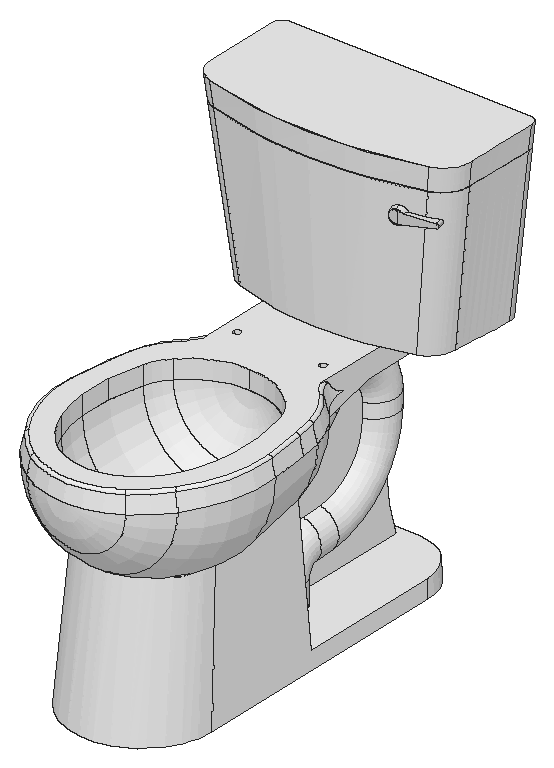
Revit family "Plumbing-Pressure-Assist-Water-Closet-Sloan-Valve-WETS-80298116_", category Plumbing Fixtures, host Face, Revit 2019
Family settings
  Host = Face
  Round Connector Dimension = Use Diameter
  Part Type = Normal
  OmniClass Number = 23.45.05.21.11.11
  OmniClass Title = Water Operated Water Closets
  Cut with Voids When Loaded = No
  Shared = No
  Room Calculation Point = No
Parameters (values of type "WETS-8029.8116")
  Width = 18 1/4"  # constant formula
  Water Closet Code = "2108029"
  Valve Pressure Drop = 0.00 psi
  Tank Code = "2108116"
  Sanitary Drain Connector Description = "Sanitary Drain Connector d2 1/8\""
  Sanitary Drain Connection Diameter = 2 1/8"  # constant formula
  Real Distance to Wall [instance] = if(Distance to Wall < 3/4", 3/4", Distance to Wall)  # 3/4"
  Waste Connection = yes
  WFU = 10
  Vent Connection = yes
  URL = "www.sloanvalve.com"
  Product data url = "https://bimobject.com/sloan_valve/product/pressure-assist-water-closets_sloan_wets-80298116"
  Product Material = Sloan Valve - Vitreous China - White
  Product Guid = ""
  Part Number = "WETS-8029.8116"
  Model = "WETS-8029.8116"
  Minimum Static Pressure = "25 PSI (172 kPa)"  # constant formula
  Maximum Static Pressure = "80 PSI (552 kPa)"  # constant formula
  Manufacturer = "Sloan Valve"  # constant formula
  Keynote = "15410"
  Height = 29 5/8"  # constant formula
  HWFU = 0
  HW Connection = yes
  Flush Rate = "1.0 gpf (3.8 Lpf)"
  Depth = 30 3/8"  # constant formula
  Cold Water Connector Description = "Cold Water Connector d1/2\""
  Cold Water Connection Diameter = 1/2"  # constant formula
  Edition number = 1
  Distance to Wall [instance] = 3/4"
  Description = "Floor-Mounted 1.0 gpf (3.8 Lpf) ADA 12\" Rough-in Pressure-Assisted/Tank Toilet."
  Default Elevation = 0"
  CWFU = 10
  CW Connection = yes
  Assembly Code = "D2010"
  ADA Compliant [instance] = 1 = 1  # yes
Reference planes
  plane 1 "Center (Front/Back)": y = 0
  plane 2: z = 0
  plane 3 "Center (Left/Right)": x = 0
  plane 4: x = -201.612
  plane 5: x = 201.613
  plane 6: y = -762.786
  plane 7: y = -19.05
  plane 8: x = -201.612
  plane 9: x = 201.613
  plane 10: y = -762.786
  plane 11: y = -19.05
Forms (mm)
  Blend 1, solid, material "Sloan Valve - Vitreous China - White" <- "Product Material"
    base sketch origin (0, 0, 38.1) x (1, 0, 0) y (0, 1, 0)
      loop
        arc (-34.925, -45.045) -> (-97.787, -71.084) -> (-123.825, -133.945) r 88.9
        line (-123.825, -133.945) -> (-123.825, -615.95)
        arc (-123.825, -615.95) -> (0, -739.775) -> (123.825, -615.95) r 123.825
        line (123.825, -615.95) -> (123.825, -133.945)
        arc (123.825, -133.945) -> (97.787, -71.084) -> (34.925, -45.045) r 88.9
        line (34.925, -45.045) -> (-34.925, -45.045)
    top sketch origin (0, 0, 38.1) x (1, 0, 0) y (0, 1, 0)
      loop
        arc (-109.537, -584.301) -> (0, -693.838) -> (109.537, -584.301) r 109.537
        line (109.537, -584.301) -> (109.537, -133.945)
        arc (109.537, -133.945) -> (83.499, -71.084) -> (20.637, -45.045) r 88.9
        line (20.637, -45.045) -> (-20.637, -45.045)
        arc (-20.637, -45.045) -> (-83.499, -71.084) -> (-109.537, -133.945) r 88.9
        line (-109.537, -133.945) -> (-109.537, -584.301)
    from -38.1 to 312.058
  Extrusion 2, solid, material "Sloan Valve - Vitreous China - White" <- "Product Material"
    sketch origin (0, 0, 12.7) x (0, 1, 0) y (0, 0, 1)
      loop
        line (-369.05, 348.14) -> (-241.882, 379.846) -> (-70.211, 379.846) -> (-64.931, 440.2) -> (-185.947, 440.2)
        arc (-185.947, 440.2) -> (-192.127, 425.28) -> (-207.047, 419.1) r 21.1
        line (-207.047, 419.1) -> (-369.05, 419.1) -> (-369.05, 348.14)
    from -104.047 to 104.047
  Sweep 3, solid, material "Sloan Valve - Vitreous China - White" <- "Product Material"
    path origin (0, 0, 38.1) x (0, 1, 0) y (0, 0, 1)
      loop
        line (-304.8, -38.1) -> (-304.8, 30.289)
        arc (-304.8, 30.289) -> (-293.174, 59.429) -> (-264.682, 72.564) r 42.333
        line (-264.682, 72.564) -> (-226.487, 74.566)
        arc (-226.487, 74.566) -> (-134.627, 116.914) -> (-97.145, 210.864) r 136.485
        line (-97.145, 210.864) -> (-97.145, 236.948)
        arc (-97.145, 236.948) -> (-144.28, 307.387) -> (-227.373, 290.682) r 76.2
        arc (-227.373, 290.682) -> (-233.15, 284.615) -> (-238.657, 278.301) r 192.236
        arc (-238.657, 278.301) -> (-334.604, 206.706) -> (-452.54, 186.145) r 257.901
    profile origin (0, -304.8, 34.195) x (0, -1, 0) y (1, 0, 0)
      loop
        circle (0, 0) r 38.1
  Extrusion 4, solid, material "Sloan Valve - Vitreous China - White" <- "Product Material"
    sketch origin (22.443, 0, 38.1) x (0, 1, 0) y (0, 0, 1)
      loop
        line (-68.2, 389.4) -> (-235.377, 389.4) -> (-261.569, 382.87) -> (-496.95, 175.082) -> (-480.799, -9.525) -> (-58.189, -9.525)
        arc (-58.189, -9.525) -> (-82.15, 106.794) -> (-68.088, 224.72) r 370.607
        arc (-68.088, 224.72) -> (-59.936, 265.377) -> (-58.507, 306.818) r 254
        arc (-58.507, 306.818) -> (-61.916, 348.278) -> (-68.2, 389.4) r 598.021
    from -28.793 to -16.093
  Extrusion 5, solid, not visible
    sketch origin (0, 0, 0) x (1, 0, 0) y (0, 0, 1)
      loop
        circle (-152.4, 254) r 6.35
    from 0 to 0.794
  Blend 6, solid, material "Sloan Valve - Vitreous China - White" <- "Product Material"
    base sketch origin (0, 0.822, 430.81) x (1, 0, 0) y (0, 1, 0)
      loop
        line (-196.16, -48.519) -> (-186.739, -156.202)
        arc (-186.739, -156.202) -> (-176.518, -182.59) -> (-153.766, -199.416) r 50.8
        arc (-153.766, -199.416) -> (0, -226.96) -> (153.766, -199.416) r 442.975
        arc (153.766, -199.416) -> (176.518, -182.59) -> (186.739, -156.202) r 50.8
        line (186.739, -156.202) -> (196.16, -48.519)
        arc (196.16, -48.519) -> (191.227, -33.989) -> (177.182, -27.809) r 19.05
        line (177.182, -27.809) -> (-177.182, -27.809)
        arc (-177.182, -27.809) -> (-191.227, -33.989) -> (-196.16, -48.519) r 19.05
    top sketch origin (0, 0.822, 430.81) x (1, 0, 0) y (0, 1, 0)
      loop
        arc (-212.725, -19.872) -> (-226.195, -25.451) -> (-231.775, -38.922) r 19.05
        line (-231.775, -38.922) -> (-231.775, -172.47)
        arc (-231.775, -172.47) -> (-221.507, -203.094) -> (-194.854, -221.338) r 50.8
        arc (-194.854, -221.338) -> (0, -248.472) -> (194.854, -221.338) r 713.209
        arc (194.854, -221.338) -> (221.507, -203.094) -> (231.775, -172.47) r 50.8
        line (231.775, -172.47) -> (231.775, -38.922)
        arc (231.775, -38.922) -> (226.195, -25.451) -> (212.725, -19.872) r 19.05
        line (212.725, -19.872) -> (-212.725, -19.872)
    from -37.11 to 321.665
  Revolve 7, solid, material "Sloan Valve - Vitreous China - White" <- "Product Material"
    sketch origin (0, -107.509, 398.463) x (1, 0, 0) y (0, 1, 0)
      loop
        line (0, -683.066) -> (0, -633.619)
        arc (0, -633.619) -> (-54.455, -620.155) -> (-96.361, -582.866) r 116.854
        arc (-96.361, -582.866) -> (-108.844, -562.27) -> (-118.928, -540.399) r 213.603
        arc (-118.928, -540.399) -> (-129.044, -507.813) -> (-134.203, -474.085) r 228.843
        arc (-134.203, -474.085) -> (-133.643, -413.542) -> (-122.68, -353.997) r 350.763
        arc (-122.68, -353.997) -> (-114.097, -332.991) -> (-100.788, -314.61) r 95.25
        arc (-100.788, -314.61) -> (-55.004, -282.028) -> (0, -270.524) r 137.251
        line (0, -270.524) -> (0, -209.239)
        arc (0, -209.239) -> (-18.194, -209.694) -> (-36.342, -211.057) r 364.157
        arc (-36.342, -211.057) -> (-122.715, -249.087) -> (-170.133, -330.684) r 152.4
        arc (-170.133, -330.684) -> (-180.229, -386.679) -> (-186.583, -443.221) r 855.912
        arc (-186.583, -443.221) -> (-178.018, -528.288) -> (-140.189, -604.962) r 240.102
        arc (-140.189, -604.962) -> (-116.352, -632.223) -> (-88.426, -655.277) r 223.457
        arc (-88.426, -655.277) -> (-46.345, -675.956) -> (0, -683.066) r 154.581
      axis (0, -209.239) -> (0, -683.066)
    angle from 0 to 180
  Extrusion 8, solid, material "Sloan Valve - Vitreous China - White" <- "Product Material"
    sketch origin (0, -122.297, 36.415) x (1, 0, 0) y (0, 0, 1)
      loop
        arc (57.698, 221.011) -> (0.981, 212.195) -> (-56.307, 215.748) r 266.082
        line (-56.307, 215.748) -> (-39.243, 151.174)
        arc (-39.243, 151.174) -> (0, 120.954) -> (39.243, 151.174) r 40.59
        line (39.243, 151.174) -> (57.698, 221.011)
    from 346.299 to 429.496
  Blend 9, solid, material "Sloan Valve - Vitreous China - White" <- "Product Material"
    base sketch origin (0, -108.545, 413.2) x (1, 0, 0) y (0, 0, 1)
      loop
        line (25.325, -14.42) -> (-25.325, -14.42) -> (-25.325, -20.654)
        arc (-25.325, -20.654) -> (0, -45.979) -> (25.325, -20.654) r 25.325
        line (25.325, -20.654) -> (25.325, -14.42)
    top sketch origin (0, -108.545, 413.2) x (1, 0, 0) y (0, 0, 1)
      loop
        line (46.038, -14.42) -> (-46.037, -14.42) -> (-46.037, -23.887)
        arc (-46.037, -23.887) -> (0, -69.925) -> (46.038, -23.887) r 46.037
        line (46.038, -23.887) -> (46.038, -14.42)
    from 129.035 to 108.105
  Blend 10, solid, material "Sloan Valve - Vitreous China - White" <- "Product Material"
    base sketch origin (0, -108.545, 413.2) x (1, 0, 0) y (0, 0, 1)
      loop
        line (46.038, -14.42) -> (-46.037, -14.42) -> (-46.037, -23.887)
        arc (-46.037, -23.887) -> (0, -69.925) -> (46.038, -23.887) r 46.037
        line (46.038, -23.887) -> (46.038, -14.42)
    top sketch origin (0, -108.545, 413.2) x (1, 0, 0) y (0, 0, 1)
      loop
        line (46.038, -14.42) -> (-46.037, -14.42) -> (-46.037, -43.731)
        arc (-46.037, -43.731) -> (0, -89.769) -> (46.038, -43.731) r 46.038
        line (46.038, -43.731) -> (46.038, -14.42)
    from 108.105 to 38.1
  Sweep 11, solid, material "Sloan Valve - Vitreous China - White" <- "Product Material"
    path origin (0, -122.297, 38.1) x (0, 1, 0) y (0, 0, 1)
      loop
        arc (-352.549, 201.173) -> (-327.484, 201.16) -> (-302.744, 205.182) r 155.194
        arc (-302.744, 205.182) -> (-278.132, 217.142) -> (-260.549, 238.11) r 65.532
        arc (-260.549, 238.11) -> (-246.125, 268.805) -> (-234.718, 300.744) r 352.298
        arc (-234.718, 300.744) -> (-234.446, 301.431) -> (-234.066, 302.064) r 4.499
        arc (-234.066, 302.064) -> (-210.936, 321.963) -> (-181.277, 329.121) r 65.024
        line (-181.277, 329.121) -> (-115.283, 329.121)
    profile origin (0, -270.577, 367.221) x (0, 0, 1) y (1, 0, 0)
      loop
        line (25.325, -25.325) -> (25.325, 25.325)
        arc (25.325, 25.325) -> (0, 0) -> (25.325, -25.325) r 25.325
  Sweep 12, solid, material "Sloan Valve - Vitreous China - White" <- "Product Material"
    path origin (0, 0, 38.1) x (1, 0, 0) y (0, 1, 0)
      loop
        line (-104.047, -185.947) -> (-104.047, -295.646)
        arc (-104.047, -295.646) -> (-111.251, -333.222) -> (-131.841, -365.47) r 101.6
        arc (-131.841, -365.47) -> (-155.982, -399.201) -> (-170.133, -438.192) r 152.4
        arc (-170.133, -438.192) -> (-174.125, -457.895) -> (-177.652, -477.686) r 855.912
        arc (-177.652, -477.686) -> (-182.903, -514.112) -> (-186.583, -550.729) r 855.912
        arc (-186.583, -550.729) -> (-178.018, -635.797) -> (-140.189, -712.47) r 240.102
        arc (-140.189, -712.47) -> (-116.352, -739.732) -> (-88.426, -762.786) r 223.457
        arc (-88.426, -762.786) -> (0, -790.575) -> (88.426, -762.786) r 154.581
        arc (88.426, -762.786) -> (116.352, -739.732) -> (140.189, -712.47) r 223.457
        arc (140.189, -712.47) -> (178.018, -635.797) -> (186.583, -550.729) r 240.102
        arc (186.583, -550.729) -> (182.903, -514.112) -> (177.652, -477.686) r 855.912
        arc (177.652, -477.686) -> (174.125, -457.895) -> (170.133, -438.192) r 855.912
        arc (170.133, -438.192) -> (155.982, -399.201) -> (131.841, -365.47) r 152.4
        arc (131.841, -365.47) -> (111.251, -333.222) -> (104.047, -295.646) r 101.6
        line (104.047, -295.646) -> (104.047, -185.947)
    profile origin (0, -790.575, 38.1) x (0, 1, 0) y (0, 0, 1)
      loop
        line (0, 360.362) -> (18.191, 360.362) -> (18.191, 393.7) -> (12.748, 393.7)
        arc (12.748, 393.7) -> (8.795, 392.32) -> (6.56, 388.778) r 6.35
        line (6.56, 388.778) -> (0, 360.362)
  Extrusion 13, void
    sketch origin (0, 0, 38.1) x (1, 0, 0) y (0, 1, 0)
      loop
        arc (118.928, -647.907) -> (129.044, -615.321) -> (134.203, -581.593) r 228.843
        arc (134.203, -581.593) -> (135.243, -552.98) -> (133.946, -524.377) r 350.763
        arc (133.946, -524.377) -> (129.747, -492.684) -> (122.68, -461.506) r 350.763
        arc (122.68, -461.506) -> (114.097, -440.499) -> (100.788, -422.119) r 95.25
        arc (100.788, -422.119) -> (55.004, -389.536) -> (0, -378.032) r 137.251
        arc (0, -378.032) -> (-55.004, -389.536) -> (-100.788, -422.119) r 137.251
        arc (-100.788, -422.119) -> (-114.097, -440.499) -> (-122.68, -461.506) r 95.25
        arc (-122.68, -461.506) -> (-129.747, -492.684) -> (-133.946, -524.377) r 350.763
        arc (-133.946, -524.377) -> (-135.243, -552.98) -> (-134.203, -581.593) r 350.763
        arc (-134.203, -581.593) -> (-129.044, -615.321) -> (-118.928, -647.907) r 228.843
        arc (-118.928, -647.907) -> (-108.844, -669.778) -> (-96.361, -690.375) r 213.603
        arc (-96.361, -690.375) -> (-54.455, -727.664) -> (0, -741.127) r 116.854
        arc (0, -741.127) -> (54.455, -727.664) -> (96.361, -690.375) r 116.854
        arc (96.361, -690.375) -> (108.844, -669.778) -> (118.928, -647.907) r 213.603
    from 360.362 to 393.7
  Extrusion 14, solid, material "Sloan Valve - Vitreous China - White" <- "Product Material"
    sketch origin (0, 0, 38.1) x (1, 0, 0) y (0, 1, 0)
      loop
        arc (-168.448, -552.159) -> (-160.532, -630.781) -> (-125.569, -701.646) r 221.912
        arc (-125.569, -701.646) -> (-103.673, -726.688) -> (-78.02, -747.865) r 205.266
        arc (-78.02, -747.865) -> (0, -772.384) -> (78.02, -747.865) r 136.39
        arc (78.02, -747.865) -> (103.673, -726.688) -> (125.569, -701.646) r 205.266
        arc (125.569, -701.646) -> (160.532, -630.781) -> (168.448, -552.159) r 221.912
        arc (168.448, -552.159) -> (164.847, -516.319) -> (159.708, -480.668) r 837.721
        arc (159.708, -480.668) -> (156.255, -461.297) -> (152.348, -442.013) r 837.721
        arc (152.348, -442.013) -> (139.886, -407.676) -> (118.627, -377.971) r 134.209
        arc (118.627, -377.971) -> (110.867, -368.903) -> (104.047, -359.107) r 119.791
        line (104.047, -359.107) -> (104.047, -369.05) -> (-104.047, -369.05) -> (-104.047, -359.107)
        arc (-104.047, -359.107) -> (-110.867, -368.903) -> (-118.627, -377.971) r 119.791
        arc (-118.627, -377.971) -> (-139.886, -407.676) -> (-152.348, -442.013) r 134.209
        arc (-152.348, -442.013) -> (-156.255, -461.297) -> (-159.708, -480.668) r 837.721
        arc (-159.708, -480.668) -> (-164.847, -516.319) -> (-168.448, -552.159) r 837.721
    from 360.362 to 393.7
  Extrusion 15, void
    sketch origin (0, 0, 38.1) x (0, 1, 0) y (0, 0, 1)
      loop
        line (-419.1, 368.114) -> (-392.915, -6.35) -> (-10.202, -6.35) -> (-10.202, 368.114) -> (-419.1, 368.114)
    from -219.74 to 304.8
  Revolve 16, void
    sketch origin (0, -107.509, 398.463) x (1, 0, 0) y (0, 1, 0)
      loop
        line (0, -639.969) -> (0, -264.174)
        arc (0, -264.174) -> (-57.549, -276.21) -> (-105.451, -310.3) r 143.601
        arc (-105.451, -310.3) -> (-119.647, -329.906) -> (-128.802, -352.313) r 101.6
        arc (-128.802, -352.313) -> (-139.964, -412.935) -> (-140.534, -474.574) r 357.113
        arc (-140.534, -474.574) -> (-135.232, -509.238) -> (-124.835, -542.728) r 235.193
        arc (-124.835, -542.728) -> (-114.451, -565.249) -> (-101.598, -586.458) r 219.953
        arc (-101.598, -586.458) -> (-57.414, -625.773) -> (0, -639.969) r 123.204
      axis (0, -264.174) -> (0, -639.969)
    angle from 0 to 180
  Extrusion 17, void
    sketch origin (0, 0, 38.1) x (1, 0, 0) y (0, 1, 0)
      loop
        circle (-76.2, -307.975) r 6.35
      loop
        circle (76.2, -307.975) r 6.35
    from 341.312 to 499.954
  Extrusion 18, void
    sketch origin (0, 0, 31.75) x (1, 0, 0) y (0, 1, 0)
      loop
        arc (-212.725, -19.05) -> (-226.195, -24.63) -> (-231.775, -38.1) r 19.05
        line (-231.775, -38.1) -> (-231.775, -171.649)
        arc (-231.775, -171.649) -> (-221.507, -202.272) -> (-194.854, -220.516) r 50.8
        arc (-194.854, -220.516) -> (0, -247.65) -> (194.854, -220.516) r 713.209
        arc (194.854, -220.516) -> (221.507, -202.272) -> (231.775, -171.649) r 50.8
        line (231.775, -171.649) -> (231.775, -38.1)
        arc (231.775, -38.1) -> (226.195, -24.63) -> (212.725, -19.05) r 19.05
        line (212.725, -19.05) -> (-212.725, -19.05)
      loop
        line (-225.425, -38.1) -> (-225.425, -171.649)
        arc (-225.425, -171.649) -> (-216.441, -198.444) -> (-193.119, -214.408) r 44.45
        arc (-193.119, -214.408) -> (0, -241.3) -> (193.119, -214.408) r 706.859
        arc (193.119, -214.408) -> (216.441, -198.444) -> (225.425, -171.649) r 44.45
        line (225.425, -171.649) -> (225.425, -38.1)
        arc (225.425, -38.1) -> (221.705, -29.12) -> (212.725, -25.4) r 12.7
        line (212.725, -25.4) -> (-212.725, -25.4)
        arc (-212.725, -25.4) -> (-221.705, -29.12) -> (-225.425, -38.1) r 12.7
    from 678.093 to 679.681
  Extrusion 19, solid, material "Sloan Valve - Finish - Polished Chrome"
    sketch origin (20.292, -269.587, 924.407) x (0.97881, 0.203994, 0.017847) y (0, -0.087156, 0.996195)
      loop
        line (127, -257.261) -> (127, -277.149) -> (188.955, -269.542)
        arc (188.955, -269.542) -> (192.467, -265.466) -> (188.747, -261.579) r 4.001
        line (188.747, -261.579) -> (127, -257.261)
    from 0 to 12.7
  Revolve 20, solid, material "Sloan Valve - Finish - Polished Chrome"
    sketch origin (369.854, -1316.287, 832.833) x (0.204773, -0.975085, -0.085309) y (0, -0.087156, 0.996195)
      loop
        line (-1100.014, -265.639) -> (-1100.014, -282.465) -> (-1087.756, -278.482) -> (-1087.314, -277.803) -> (-1087.314, -265.639) -> (-1100.014, -265.639)
      axis (-1100.014, -265.639) -> (-1087.314, -265.639)
    angle from 0 to 360
  Extrusion 21, void
    sketch origin (0, 0, 0) x (0, 1, 0) y (0, 0, 1)
      loop
        line (-237.838, 431.8) -> (-237.838, 386.506) -> (-19.05, 386.506) -> (-19.05, 431.8) -> (-237.838, 431.8)
    from -208.999 to 209.863
  Blend 22, solid, material "Sloan Valve - Vitreous China - White" <- "Product Material", not visible
    base sketch origin (0, 0, 38.1) x (1, 0, 0) y (0, 1, 0)
      loop
        arc (-34.925, -45.045) -> (-97.787, -71.084) -> (-123.825, -133.945) r 88.9
        line (-123.825, -133.945) -> (-123.825, -615.95)
        arc (-123.825, -615.95) -> (0, -739.775) -> (123.825, -615.95) r 123.825
        line (123.825, -615.95) -> (123.825, -133.945)
        arc (123.825, -133.945) -> (97.787, -71.084) -> (34.925, -45.045) r 88.9
        line (34.925, -45.045) -> (-34.925, -45.045)
    top sketch origin (0, 0, 38.1) x (1, 0, 0) y (0, 1, 0)
      loop
        arc (-109.537, -584.301) -> (0, -693.838) -> (109.537, -584.301) r 109.537
        line (109.537, -584.301) -> (109.537, -133.945)
        arc (109.537, -133.945) -> (83.499, -71.084) -> (20.637, -45.045) r 88.9
        line (20.637, -45.045) -> (-20.637, -45.045)
        arc (-20.637, -45.045) -> (-83.499, -71.084) -> (-109.537, -133.945) r 88.9
        line (-109.537, -133.945) -> (-109.537, -584.301)
    from -38.1 to 312.058
  Extrusion 23, solid, material "Sloan Valve - Vitreous China - White" <- "Product Material", not visible
    sketch origin (0, 0, 12.7) x (0, 1, 0) y (0, 0, 1)
      loop
        line (-369.05, 348.14) -> (-241.882, 379.846) -> (-70.211, 379.846) -> (-64.931, 440.2) -> (-185.947, 440.2)
        arc (-185.947, 440.2) -> (-192.127, 425.28) -> (-207.047, 419.1) r 21.1
        line (-207.047, 419.1) -> (-369.05, 419.1) -> (-369.05, 348.14)
    from -104.047 to 104.047
  Sweep 24, solid, material "Sloan Valve - Vitreous China - White" <- "Product Material", not visible
    path origin (0, 0, 38.1) x (0, 1, 0) y (0, 0, 1)
      loop
        line (-304.8, -38.1) -> (-304.8, 30.289)
        arc (-304.8, 30.289) -> (-293.174, 59.429) -> (-264.682, 72.564) r 42.333
        line (-264.682, 72.564) -> (-226.487, 74.566)
        arc (-226.487, 74.566) -> (-134.627, 116.914) -> (-97.145, 210.864) r 136.485
        line (-97.145, 210.864) -> (-97.145, 236.948)
        arc (-97.145, 236.948) -> (-144.28, 307.387) -> (-227.373, 290.682) r 76.2
        arc (-227.373, 290.682) -> (-233.15, 284.615) -> (-238.657, 278.301) r 192.236
        arc (-238.657, 278.301) -> (-334.604, 206.706) -> (-452.54, 186.145) r 257.901
    profile origin (0, -304.8, 34.195) x (0, -1, 0) y (1, 0, 0)
      loop
        circle (0, 0) r 38.1
  Extrusion 25, solid, material "Sloan Valve - Vitreous China - White" <- "Product Material", not visible
    sketch origin (22.443, 0, 38.1) x (0, 1, 0) y (0, 0, 1)
      loop
        line (-68.2, 389.4) -> (-235.377, 389.4) -> (-261.569, 382.87) -> (-496.95, 175.082) -> (-480.799, -9.525) -> (-58.189, -9.525)
        arc (-58.189, -9.525) -> (-82.15, 106.794) -> (-68.088, 224.72) r 370.607
        arc (-68.088, 224.72) -> (-59.936, 265.377) -> (-58.507, 306.818) r 254
        arc (-58.507, 306.818) -> (-61.916, 348.278) -> (-68.2, 389.4) r 598.021
    from -28.793 to -16.093
  Blend 26, solid, material "Sloan Valve - Vitreous China - White" <- "Product Material", not visible
    base sketch origin (0, 0.822, 430.81) x (1, 0, 0) y (0, 1, 0)
      loop
        line (-196.16, -48.519) -> (-186.739, -156.202)
        arc (-186.739, -156.202) -> (-176.518, -182.59) -> (-153.766, -199.416) r 50.8
        arc (-153.766, -199.416) -> (0, -226.96) -> (153.766, -199.416) r 442.975
        arc (153.766, -199.416) -> (176.518, -182.59) -> (186.739, -156.202) r 50.8
        line (186.739, -156.202) -> (196.16, -48.519)
        arc (196.16, -48.519) -> (191.227, -33.989) -> (177.182, -27.809) r 19.05
        line (177.182, -27.809) -> (-177.182, -27.809)
        arc (-177.182, -27.809) -> (-191.227, -33.989) -> (-196.16, -48.519) r 19.05
    top sketch origin (0, 0.822, 430.81) x (1, 0, 0) y (0, 1, 0)
      loop
        arc (-212.725, -19.872) -> (-226.195, -25.451) -> (-231.775, -38.922) r 19.05
        line (-231.775, -38.922) -> (-231.775, -172.47)
        arc (-231.775, -172.47) -> (-221.507, -203.094) -> (-194.854, -221.338) r 50.8
        arc (-194.854, -221.338) -> (0, -248.472) -> (194.854, -221.338) r 713.209
        arc (194.854, -221.338) -> (221.507, -203.094) -> (231.775, -172.47) r 50.8
        line (231.775, -172.47) -> (231.775, -38.922)
        arc (231.775, -38.922) -> (226.195, -25.451) -> (212.725, -19.872) r 19.05
        line (212.725, -19.872) -> (-212.725, -19.872)
    from -37.11 to 321.665
  Revolve 27, solid, material "Sloan Valve - Vitreous China - White" <- "Product Material", not visible
    sketch origin (0, -107.509, 398.463) x (1, 0, 0) y (0, 1, 0)
      loop
        line (0, -683.066) -> (0, -633.619)
        arc (0, -633.619) -> (-54.455, -620.155) -> (-96.361, -582.866) r 116.854
        arc (-96.361, -582.866) -> (-108.844, -562.27) -> (-118.928, -540.399) r 213.603
        arc (-118.928, -540.399) -> (-129.044, -507.813) -> (-134.203, -474.085) r 228.843
        arc (-134.203, -474.085) -> (-133.643, -413.542) -> (-122.68, -353.997) r 350.763
        arc (-122.68, -353.997) -> (-114.097, -332.991) -> (-100.788, -314.61) r 95.25
        arc (-100.788, -314.61) -> (-55.004, -282.028) -> (0, -270.524) r 137.251
        line (0, -270.524) -> (0, -209.239)
        arc (0, -209.239) -> (-18.194, -209.694) -> (-36.342, -211.057) r 364.157
        arc (-36.342, -211.057) -> (-122.715, -249.087) -> (-170.133, -330.684) r 152.4
        arc (-170.133, -330.684) -> (-180.229, -386.679) -> (-186.583, -443.221) r 855.912
        arc (-186.583, -443.221) -> (-178.018, -528.288) -> (-140.189, -604.962) r 240.102
        arc (-140.189, -604.962) -> (-116.352, -632.223) -> (-88.426, -655.277) r 223.457
        arc (-88.426, -655.277) -> (-46.345, -675.956) -> (0, -683.066) r 154.581
      axis (0, -209.239) -> (0, -683.066)
    angle from 0 to 180
  Extrusion 28, solid, material "Sloan Valve - Vitreous China - White" <- "Product Material", not visible
    sketch origin (0, -122.297, 36.415) x (1, 0, 0) y (0, 0, 1)
      loop
        arc (57.698, 221.011) -> (0.981, 212.195) -> (-56.307, 215.748) r 266.082
        line (-56.307, 215.748) -> (-39.243, 151.174)
        arc (-39.243, 151.174) -> (0, 120.954) -> (39.243, 151.174) r 40.59
        line (39.243, 151.174) -> (57.698, 221.011)
    from 346.299 to 429.496
  Blend 29, solid, material "Sloan Valve - Vitreous China - White" <- "Product Material", not visible
    base sketch origin (0, -108.545, 413.2) x (1, 0, 0) y (0, 0, 1)
      loop
        line (25.325, -14.42) -> (-25.325, -14.42) -> (-25.325, -20.654)
        arc (-25.325, -20.654) -> (0, -45.979) -> (25.325, -20.654) r 25.325
        line (25.325, -20.654) -> (25.325, -14.42)
    top sketch origin (0, -108.545, 413.2) x (1, 0, 0) y (0, 0, 1)
      loop
        line (46.038, -14.42) -> (-46.037, -14.42) -> (-46.037, -23.887)
        arc (-46.037, -23.887) -> (0, -69.925) -> (46.038, -23.887) r 46.037
        line (46.038, -23.887) -> (46.038, -14.42)
    from 129.035 to 108.105
  Blend 30, solid, material "Sloan Valve - Vitreous China - White" <- "Product Material", not visible
    base sketch origin (0, -108.545, 413.2) x (1, 0, 0) y (0, 0, 1)
      loop
        line (46.038, -14.42) -> (-46.037, -14.42) -> (-46.037, -23.887)
        arc (-46.037, -23.887) -> (0, -69.925) -> (46.038, -23.887) r 46.037
        line (46.038, -23.887) -> (46.038, -14.42)
    top sketch origin (0, -108.545, 413.2) x (1, 0, 0) y (0, 0, 1)
      loop
        line (46.038, -14.42) -> (-46.037, -14.42) -> (-46.037, -43.731)
        arc (-46.037, -43.731) -> (0, -89.769) -> (46.038, -43.731) r 46.038
        line (46.038, -43.731) -> (46.038, -14.42)
    from 108.105 to 38.1
  Sweep 31, solid, material "Sloan Valve - Vitreous China - White" <- "Product Material", not visible
    path origin (0, -122.297, 38.1) x (0, 1, 0) y (0, 0, 1)
      loop
        arc (-352.549, 201.173) -> (-327.484, 201.16) -> (-302.744, 205.182) r 155.194
        arc (-302.744, 205.182) -> (-278.132, 217.142) -> (-260.549, 238.11) r 65.532
        arc (-260.549, 238.11) -> (-246.125, 268.805) -> (-234.718, 300.744) r 352.298
        arc (-234.718, 300.744) -> (-234.446, 301.431) -> (-234.066, 302.064) r 4.499
        arc (-234.066, 302.064) -> (-210.936, 321.963) -> (-181.277, 329.121) r 65.024
        line (-181.277, 329.121) -> (-115.283, 329.121)
    profile origin (0, -270.577, 367.221) x (0, 0, 1) y (1, 0, 0)
      loop
        line (25.325, -25.325) -> (25.325, 25.325)
        arc (25.325, 25.325) -> (0, 0) -> (25.325, -25.325) r 25.325
  Sweep 32, solid, material "Sloan Valve - Vitreous China - White" <- "Product Material", not visible
    path origin (0, 0, 38.1) x (1, 0, 0) y (0, 1, 0)
      loop
        line (-104.047, -185.947) -> (-104.047, -295.646)
        arc (-104.047, -295.646) -> (-111.251, -333.222) -> (-131.841, -365.47) r 101.6
        arc (-131.841, -365.47) -> (-155.982, -399.201) -> (-170.133, -438.192) r 152.4
        arc (-170.133, -438.192) -> (-174.125, -457.895) -> (-177.652, -477.686) r 855.912
        arc (-177.652, -477.686) -> (-182.903, -514.112) -> (-186.583, -550.729) r 855.912
        arc (-186.583, -550.729) -> (-178.018, -635.797) -> (-140.189, -712.47) r 240.102
        arc (-140.189, -712.47) -> (-116.352, -739.732) -> (-88.426, -762.786) r 223.457
        arc (-88.426, -762.786) -> (0, -790.575) -> (88.426, -762.786) r 154.581
        arc (88.426, -762.786) -> (116.352, -739.732) -> (140.189, -712.47) r 223.457
        arc (140.189, -712.47) -> (178.018, -635.797) -> (186.583, -550.729) r 240.102
        arc (186.583, -550.729) -> (182.903, -514.112) -> (177.652, -477.686) r 855.912
        arc (177.652, -477.686) -> (174.125, -457.895) -> (170.133, -438.192) r 855.912
        arc (170.133, -438.192) -> (155.982, -399.201) -> (131.841, -365.47) r 152.4
        arc (131.841, -365.47) -> (111.251, -333.222) -> (104.047, -295.646) r 101.6
        line (104.047, -295.646) -> (104.047, -185.947)
    profile origin (0, -790.575, 38.1) x (0, 1, 0) y (0, 0, 1)
      loop
        line (0, 360.362) -> (18.191, 360.362) -> (18.191, 393.7) -> (12.748, 393.7)
        arc (12.748, 393.7) -> (8.795, 392.32) -> (6.56, 388.778) r 6.35
        line (6.56, 388.778) -> (0, 360.362)
  Extrusion 33, void, not visible
    sketch origin (0, 0, 38.1) x (1, 0, 0) y (0, 1, 0)
      loop
        arc (118.928, -647.907) -> (129.044, -615.321) -> (134.203, -581.593) r 228.843
        arc (134.203, -581.593) -> (135.243, -552.98) -> (133.946, -524.377) r 350.763
        arc (133.946, -524.377) -> (129.747, -492.684) -> (122.68, -461.506) r 350.763
        arc (122.68, -461.506) -> (114.097, -440.499) -> (100.788, -422.119) r 95.25
        arc (100.788, -422.119) -> (55.004, -389.536) -> (0, -378.032) r 137.251
        arc (0, -378.032) -> (-55.004, -389.536) -> (-100.788, -422.119) r 137.251
        arc (-100.788, -422.119) -> (-114.097, -440.499) -> (-122.68, -461.506) r 95.25
        arc (-122.68, -461.506) -> (-129.747, -492.684) -> (-133.946, -524.377) r 350.763
        arc (-133.946, -524.377) -> (-135.243, -552.98) -> (-134.203, -581.593) r 350.763
        arc (-134.203, -581.593) -> (-129.044, -615.321) -> (-118.928, -647.907) r 228.843
        arc (-118.928, -647.907) -> (-108.844, -669.778) -> (-96.361, -690.375) r 213.603
        arc (-96.361, -690.375) -> (-54.455, -727.664) -> (0, -741.127) r 116.854
        arc (0, -741.127) -> (54.455, -727.664) -> (96.361, -690.375) r 116.854
        arc (96.361, -690.375) -> (108.844, -669.778) -> (118.928, -647.907) r 213.603
    from 360.362 to 393.7
  Extrusion 34, solid, material "Sloan Valve - Vitreous China - White" <- "Product Material", not visible
    sketch origin (0, 0, 38.1) x (1, 0, 0) y (0, 1, 0)
      loop
        arc (-168.448, -552.159) -> (-160.532, -630.781) -> (-125.569, -701.646) r 221.912
        arc (-125.569, -701.646) -> (-103.673, -726.688) -> (-78.02, -747.865) r 205.266
        arc (-78.02, -747.865) -> (0, -772.384) -> (78.02, -747.865) r 136.39
        arc (78.02, -747.865) -> (103.673, -726.688) -> (125.569, -701.646) r 205.266
        arc (125.569, -701.646) -> (160.532, -630.781) -> (168.448, -552.159) r 221.912
        arc (168.448, -552.159) -> (164.847, -516.319) -> (159.708, -480.668) r 837.721
        arc (159.708, -480.668) -> (156.255, -461.297) -> (152.348, -442.013) r 837.721
        arc (152.348, -442.013) -> (139.886, -407.676) -> (118.627, -377.971) r 134.209
        arc (118.627, -377.971) -> (110.867, -368.903) -> (104.047, -359.107) r 119.791
        line (104.047, -359.107) -> (104.047, -369.05) -> (-104.047, -369.05) -> (-104.047, -359.107)
        arc (-104.047, -359.107) -> (-110.867, -368.903) -> (-118.627, -377.971) r 119.791
        arc (-118.627, -377.971) -> (-139.886, -407.676) -> (-152.348, -442.013) r 134.209
        arc (-152.348, -442.013) -> (-156.255, -461.297) -> (-159.708, -480.668) r 837.721
        arc (-159.708, -480.668) -> (-164.847, -516.319) -> (-168.448, -552.159) r 837.721
    from 360.362 to 393.7
  Extrusion 35, void, not visible
    sketch origin (0, 0, 38.1) x (0, 1, 0) y (0, 0, 1)
      loop
        line (-419.1, 368.114) -> (-392.915, -6.35) -> (-10.202, -6.35) -> (-10.202, 368.114) -> (-419.1, 368.114)
    from -219.74 to 304.8
  Revolve 36, void, not visible
    sketch origin (0, -107.509, 398.463) x (1, 0, 0) y (0, 1, 0)
      loop
        line (0, -639.969) -> (0, -264.174)
        arc (0, -264.174) -> (-57.549, -276.21) -> (-105.451, -310.3) r 143.601
        arc (-105.451, -310.3) -> (-119.647, -329.906) -> (-128.802, -352.313) r 101.6
        arc (-128.802, -352.313) -> (-139.964, -412.935) -> (-140.534, -474.574) r 357.113
        arc (-140.534, -474.574) -> (-135.232, -509.238) -> (-124.835, -542.728) r 235.193
        arc (-124.835, -542.728) -> (-114.451, -565.249) -> (-101.598, -586.458) r 219.953
        arc (-101.598, -586.458) -> (-57.414, -625.773) -> (0, -639.969) r 123.204
      axis (0, -264.174) -> (0, -639.969)
    angle from 0 to 180
  Extrusion 37, void, not visible
    sketch origin (0, 0, 38.1) x (1, 0, 0) y (0, 1, 0)
      loop
        circle (-76.2, -307.975) r 6.35
      loop
        circle (76.2, -307.975) r 6.35
    from 341.312 to 499.954
  Extrusion 38, void, not visible
    sketch origin (0, 0, 31.75) x (1, 0, 0) y (0, 1, 0)
      loop
        arc (-212.725, -19.05) -> (-226.195, -24.63) -> (-231.775, -38.1) r 19.05
        line (-231.775, -38.1) -> (-231.775, -171.649)
        arc (-231.775, -171.649) -> (-221.507, -202.272) -> (-194.854, -220.516) r 50.8
        arc (-194.854, -220.516) -> (0, -247.65) -> (194.854, -220.516) r 713.209
        arc (194.854, -220.516) -> (221.507, -202.272) -> (231.775, -171.649) r 50.8
        line (231.775, -171.649) -> (231.775, -38.1)
        arc (231.775, -38.1) -> (226.195, -24.63) -> (212.725, -19.05) r 19.05
        line (212.725, -19.05) -> (-212.725, -19.05)
      loop
        line (-225.425, -38.1) -> (-225.425, -171.649)
        arc (-225.425, -171.649) -> (-216.441, -198.444) -> (-193.119, -214.408) r 44.45
        arc (-193.119, -214.408) -> (0, -241.3) -> (193.119, -214.408) r 706.859
        arc (193.119, -214.408) -> (216.441, -198.444) -> (225.425, -171.649) r 44.45
        line (225.425, -171.649) -> (225.425, -38.1)
        arc (225.425, -38.1) -> (221.705, -29.12) -> (212.725, -25.4) r 12.7
        line (212.725, -25.4) -> (-212.725, -25.4)
        arc (-212.725, -25.4) -> (-221.705, -29.12) -> (-225.425, -38.1) r 12.7
    from 678.093 to 679.681
  Extrusion 39, solid, material "Sloan Valve - Finish - Polished Chrome", not visible
    sketch origin (20.292, -269.587, 924.407) x (0.97881, 0.203994, 0.017847) y (0, -0.087156, 0.996195)
      loop
        line (127, -257.261) -> (127, -277.149) -> (188.955, -269.542)
        arc (188.955, -269.542) -> (192.467, -265.466) -> (188.747, -261.579) r 4.001
        line (188.747, -261.579) -> (127, -257.261)
    from 0 to 12.7
  Revolve 40, solid, material "Sloan Valve - Finish - Polished Chrome", not visible
    sketch origin (369.854, -1316.287, 832.833) x (0.204773, -0.975085, -0.085309) y (0, -0.087156, 0.996195)
      loop
        line (-1100.014, -265.639) -> (-1100.014, -282.465) -> (-1087.756, -278.482) -> (-1087.314, -277.803) -> (-1087.314, -265.639) -> (-1100.014, -265.639)
      axis (-1100.014, -265.639) -> (-1087.314, -265.639)
    angle from 0 to 360
  Extrusion 41, void, not visible
    sketch origin (0, 0, 0) x (0, 1, 0) y (0, 0, 1)
      loop
        line (-237.838, 431.8) -> (-237.838, 386.506) -> (-19.05, 386.506) -> (-19.05, 431.8) -> (-237.838, 431.8)
    from -208.999 to 209.863
Cuts and joins
  Extrusion 18, Extrusion 21 cuts Blend 6
  Extrusion 17 cuts Extrusion 2
  Extrusion 13 cuts Extrusion 14
  joined: Extrusion 2, Sweep 12, Extrusion 14
  Extrusion 15, Revolve 16 cuts Blend 1
  joined: Extrusion 19, Revolve 20
Lines and regions (mm)
  Masking region 1
    outline origin (0, 0, 0) x (1, 0, 0) y (0, 1, 0)
      loop
        line (212.725, -19.05) -> (-212.725, -19.05)
        arc (-212.725, -19.05) -> (-226.195, -24.63) -> (-231.775, -38.1) r 19.05
        line (-231.775, -38.1) -> (-231.775, -171.649)
        arc (-231.775, -171.649) -> (-221.507, -202.272) -> (-194.854, -220.516) r 50.8
        arc (-194.854, -220.516) -> (-159.548, -229.575) -> (-123.825, -236.819) r 713.209
        line (-123.825, -236.819) -> (-123.825, -355.877)
        arc (-123.825, -355.877) -> (-127.686, -360.797) -> (-131.841, -365.47) r 101.6
        arc (-131.841, -365.47) -> (-155.982, -399.201) -> (-170.133, -438.192) r 152.4
        arc (-170.133, -438.192) -> (-174.125, -457.895) -> (-177.652, -477.686) r 855.912
        arc (-177.652, -477.686) -> (-182.903, -514.112) -> (-186.583, -550.729) r 855.912
        arc (-186.583, -550.729) -> (-178.018, -635.797) -> (-140.189, -712.47) r 240.102
        arc (-140.189, -712.47) -> (-116.352, -739.732) -> (-88.426, -762.786) r 223.457
        arc (-88.426, -762.786) -> (0, -790.575) -> (88.426, -762.786) r 154.581
        arc (88.426, -762.786) -> (116.352, -739.732) -> (140.189, -712.47) r 223.457
        arc (140.189, -712.47) -> (178.018, -635.797) -> (186.583, -550.729) r 240.102
        arc (186.583, -550.729) -> (182.903, -514.112) -> (177.652, -477.686) r 855.912
        arc (177.652, -477.686) -> (174.125, -457.895) -> (170.133, -438.192) r 855.912
        arc (170.133, -438.192) -> (155.982, -399.201) -> (131.841, -365.47) r 152.4
        arc (131.841, -365.47) -> (127.686, -360.797) -> (123.825, -355.877) r 101.6
        line (123.825, -355.877) -> (123.825, -236.819)
        arc (123.825, -236.819) -> (159.548, -229.575) -> (194.854, -220.516) r 713.209
        arc (194.854, -220.516) -> (221.507, -202.272) -> (231.775, -171.649) r 50.8
        line (231.775, -171.649) -> (231.775, -38.1)
        arc (231.775, -38.1) -> (226.195, -24.63) -> (212.725, -19.05) r 19.05
  Masking region 2, not visible
    outline origin (0, 0, 0) x (1, 0, 0) y (0, 1, 0)
      loop
        line (212.725, -19.05) -> (-212.725, -19.05)
        arc (-212.725, -19.05) -> (-226.195, -24.63) -> (-231.775, -38.1) r 19.05
        line (-231.775, -38.1) -> (-231.775, -171.649)
        arc (-231.775, -171.649) -> (-221.507, -202.272) -> (-194.854, -220.516) r 50.8
        arc (-194.854, -220.516) -> (-159.548, -229.575) -> (-123.825, -236.819) r 713.209
        line (-123.825, -236.819) -> (-123.825, -355.877)
        arc (-123.825, -355.877) -> (-127.686, -360.797) -> (-131.841, -365.47) r 101.6
        arc (-131.841, -365.47) -> (-155.982, -399.201) -> (-170.133, -438.192) r 152.4
        arc (-170.133, -438.192) -> (-174.125, -457.895) -> (-177.652, -477.686) r 855.912
        arc (-177.652, -477.686) -> (-182.903, -514.112) -> (-186.583, -550.729) r 855.912
        arc (-186.583, -550.729) -> (-178.018, -635.797) -> (-140.189, -712.47) r 240.102
        arc (-140.189, -712.47) -> (-116.352, -739.732) -> (-88.426, -762.786) r 223.457
        arc (-88.426, -762.786) -> (0, -790.575) -> (88.426, -762.786) r 154.581
        arc (88.426, -762.786) -> (116.352, -739.732) -> (140.189, -712.47) r 223.457
        arc (140.189, -712.47) -> (178.018, -635.797) -> (186.583, -550.729) r 240.102
        arc (186.583, -550.729) -> (182.903, -514.112) -> (177.652, -477.686) r 855.912
        arc (177.652, -477.686) -> (174.125, -457.895) -> (170.133, -438.192) r 855.912
        arc (170.133, -438.192) -> (155.982, -399.201) -> (131.841, -365.47) r 152.4
        arc (131.841, -365.47) -> (127.686, -360.797) -> (123.825, -355.877) r 101.6
        line (123.825, -355.877) -> (123.825, -236.819)
        arc (123.825, -236.819) -> (159.548, -229.575) -> (194.854, -220.516) r 713.209
        arc (194.854, -220.516) -> (221.507, -202.272) -> (231.775, -171.649) r 50.8
        line (231.775, -171.649) -> (231.775, -38.1)
        arc (231.775, -38.1) -> (226.195, -24.63) -> (212.725, -19.05) r 19.05
  symbolic lines, detail levels medium+fine
    curve 1: arc (-123.825, -236.819, 0) -> (0, -247.65, 0) -> (123.825, -236.819, 0) r 713.209
  symbolic lines, detail levels fine
    curve 2: arc (-100.788, -422.119, 0) -> (-55.004, -389.536, 0) -> (0, -378.032, 0) r 137.251
    curve 3: arc (0, -378.032, 0) -> (55.004, -389.536, 0) -> (100.788, -422.119, 0) r 137.251
    curve 4: arc (100.788, -422.119, 0) -> (114.097, -440.499, 0) -> (122.68, -461.506, 0) r 95.25
    curve 5: arc (122.68, -461.506, 0) -> (129.747, -492.684, 0) -> (133.946, -524.377, 0) r 350.763
    curve 6: arc (133.946, -524.377, 0) -> (135.243, -552.98, 0) -> (134.203, -581.593, 0) r 350.763
    curve 7: arc (134.203, -581.593, 0) -> (129.044, -615.321, 0) -> (118.928, -647.907, 0) r 228.843
    curve 8: arc (118.928, -647.907, 0) -> (108.844, -669.778, 0) -> (96.361, -690.375, 0) r 213.603
    curve 9: arc (96.361, -690.375, 0) -> (54.455, -727.664, 0) -> (0, -741.127, 0) r 116.854
    curve 10: arc (0, -741.127, 0) -> (-54.455, -727.664, 0) -> (-96.361, -690.375, 0) r 116.854
    curve 11: arc (-96.361, -690.375, 0) -> (-108.844, -669.778, 0) -> (-118.928, -647.907, 0) r 213.603
    curve 12: arc (-118.928, -647.907, 0) -> (-129.044, -615.321, 0) -> (-134.203, -581.593, 0) r 228.843
    curve 13: arc (-134.203, -581.593, 0) -> (-135.243, -552.98, 0) -> (-133.946, -524.377, 0) r 350.763
    curve 14: arc (-133.946, -524.377, 0) -> (-129.747, -492.684, 0) -> (-122.68, -461.506, 0) r 350.763
    curve 15: arc (-122.68, -461.506, 0) -> (-114.097, -440.499, 0) -> (-100.788, -422.119, 0) r 95.25
    curve 16: circle (-76.2, -307.975, 0) r 6.35 normal (0, 0, 1)
    curve 17: circle (76.2, -307.975, 0) r 6.35 normal (0, 0, 1)
  symbolic lines, not visible, detail levels medium+fine
    curve 18: arc (-123.825, -236.819, 0) -> (0, -247.65, 0) -> (123.825, -236.819, 0) r 713.209
  symbolic lines, not visible, detail levels fine
    curve 19: arc (-100.788, -422.119, 0) -> (-55.004, -389.536, 0) -> (0, -378.032, 0) r 137.251
    curve 20: arc (0, -378.032, 0) -> (55.004, -389.536, 0) -> (100.788, -422.119, 0) r 137.251
    curve 21: arc (100.788, -422.119, 0) -> (114.097, -440.499, 0) -> (122.68, -461.506, 0) r 95.25
    curve 22: arc (122.68, -461.506, 0) -> (129.747, -492.684, 0) -> (133.946, -524.377, 0) r 350.763
    curve 23: arc (133.946, -524.377, 0) -> (135.243, -552.98, 0) -> (134.203, -581.593, 0) r 350.763
    curve 24: arc (134.203, -581.593, 0) -> (129.044, -615.321, 0) -> (118.928, -647.907, 0) r 228.843
    curve 25: arc (118.928, -647.907, 0) -> (108.844, -669.778, 0) -> (96.361, -690.375, 0) r 213.603
    curve 26: arc (96.361, -690.375, 0) -> (54.455, -727.664, 0) -> (0, -741.127, 0) r 116.854
    curve 27: arc (0, -741.127, 0) -> (-54.455, -727.664, 0) -> (-96.361, -690.375, 0) r 116.854
    curve 28: arc (-96.361, -690.375, 0) -> (-108.844, -669.778, 0) -> (-118.928, -647.907, 0) r 213.603
    curve 29: arc (-118.928, -647.907, 0) -> (-129.044, -615.321, 0) -> (-134.203, -581.593, 0) r 228.843
    curve 30: arc (-134.203, -581.593, 0) -> (-135.243, -552.98, 0) -> (-133.946, -524.377, 0) r 350.763
    curve 31: arc (-133.946, -524.377, 0) -> (-129.747, -492.684, 0) -> (-122.68, -461.506, 0) r 350.763
    curve 32: arc (-122.68, -461.506, 0) -> (-114.097, -440.499, 0) -> (-100.788, -422.119, 0) r 95.25
    curve 33: circle (-76.2, -307.975, 0) r 6.35 normal (0, 0, 1)
    curve 34: circle (76.2, -307.975, 0) r 6.35 normal (0, 0, 1)
Dimensions and locks
  "Real Distance to Wall": plane 1 "Center (Front/Back)" to plane 7
  aligned and locked: plane 2 to host face
  aligned and locked: level to host face
  aligned and locked: Masking region 1 to plane 7
Automatic sketch dimensions
  host sketch curve to host sketch curve = 96"  (x2)
  plane 7 to Blend 1 sketch curve = 23 1/2"
  Blend 1 sketch curve to Blend 1 sketch curve = 3 1/2"  (x2)
  Blend 1 sketch curve to Blend 1 sketch curve = 4 7/8"
  Blend 1 sketch curve to Blend 1 sketch curve = 2 3/4"
  plane 7 to Blend 1 sketch curve = 4 67/128"
  plane 7 to Blend 1 sketch curve = 22.25397"
  plane 7 to Blend 1 sketch curve = 1 3/128"
  Blend 1 sketch curve to Blend 1 sketch curve = 4 5/16"
  Blend 1 sketch curve to Blend 1 sketch curve = 1 5/8"
  plane 7 to Extrusion 2 sketch curve = 13.77953"
  Extrusion 2 sketch curve to Extrusion 2 sketch curve = 5.00662"
  Extrusion 2 sketch curve to Extrusion 2 sketch curve = 1.37144"
  Extrusion 2 sketch curve to Extrusion 2 sketch curve = 0.83072"
  plane 7 to Extrusion 2 sketch curve = 2.01421"
  plane 7 to Extrusion 2 sketch curve = 1.80632"
  Extrusion 2 sketch curve to Extrusion 2 sketch curve = 1.24829"
  Extrusion 2 sketch curve to Extrusion 2 sketch curve = 2.7937"
  Sweep 3 sketch curve to profile plane = 0"  (x2)
  plane 7 to Extrusion 4 sketch curve = 25.07129"
  Extrusion 4 sketch curve to Extrusion 4 sketch curve = 6.25633"
  Extrusion 4 sketch curve to Extrusion 4 sketch curve = 0.63587"
  Extrusion 4 sketch curve to Extrusion 4 sketch curve = 7.2727"
  Extrusion 4 sketch curve to Extrusion 4 sketch curve = 1.99428"
  Extrusion 4 sketch curve to Extrusion 4 sketch curve = 1.03117"
  plane 7 to Extrusion 4 sketch curve = 1.54092"
  plane 7 to Extrusion 4 sketch curve = 1.93503"
  Extrusion 4 sketch curve to plane 7 = 12.09356"
  Extrusion 4 sketch curve to Extrusion 4 sketch curve = 5.1955"
  Extrusion 4 sketch curve to Extrusion 4 sketch curve = 7.268"
  Extrusion 4 sketch curve to Extrusion 4 sketch curve = 4 19/256"
  Extrusion 4 sketch curve to Extrusion 4 sketch curve = 4.71404"
  Extrusion 4 sketch curve to Extrusion 4 sketch curve = 3.46658"
  Extrusion 4 sketch curve to Extrusion 4 sketch curve = 0.2571"
  Extrusion 4 sketch curve to Extrusion 4 sketch curve = 0"
  Extrusion 5 sketch curve to plane 3 "Center (Left/Right)" = 6"
  level to Extrusion 5 sketch curve = 10"
  plane 4 to Blend 6 sketch curve = 0.21467"
  plane 4 to Blend 6 sketch curve = 0.58558"
  plane 7 to Blend 6 sketch curve = 5/16"
  plane 4 to Blend 6 sketch curve = 0.96182"
  Blend 6 sketch curve to Blend 6 sketch curve = 1.99239"
  plane 4 to Blend 6 sketch curve = 7 15/16"
  plane 5 to Blend 6 sketch curve = 2.57797"
  plane 5 to Blend 6 sketch curve = 0.96182"
  plane 5 to Blend 6 sketch curve = 0.58558"
  plane 5 to Blend 6 sketch curve = 0.21467"
  Blend 6 sketch curve to Blend 6 sketch curve = 3/4"  (x3)
  Blend 6 sketch curve to Blend 6 sketch curve = 4.13053"  (x2)
  Blend 6 sketch curve to Blend 6 sketch curve = 0.17431"  (x2)
  Blend 6 sketch curve to plane 7 = 9.28691"
  Blend 6 sketch curve to Blend 6 sketch curve = 0"  (x2)
  plane 7 to Blend 6 sketch curve = 0"
  plane 7 to Blend 6 sketch curve = 6 1/128"  (x2)
  Blend 6 sketch curve to Blend 6 sketch curve = 2"
  Blend 6 sketch curve to Blend 6 sketch curve = 8 3/8"
  Blend 6 sketch curve to Blend 6 sketch curve = 14 1/4"
  plane 7 to Blend 6 sketch curve = 3/4"
  Blend 6 sketch curve to Blend 6 sketch curve = 1 1/4"
  Blend 6 sketch curve to plane 7 = 19.0791"
  plane 7 to Revolve 7 sketch curve = 18.41431"
  Revolve 7 sketch curve to Revolve 7 sketch curve = 0.38226"
  Revolve 7 sketch curve to Revolve 7 sketch curve = 213/256"
  Revolve 7 sketch curve to Revolve 7 sketch curve = 0"  (x10)
  Revolve 7 sketch curve to Revolve 7 sketch curve = 1.55117"
  Revolve 7 sketch curve to Revolve 7 sketch curve = 0.52667"
  Revolve 7 sketch curve to Revolve 7 sketch curve = 1.06316"
  Revolve 7 sketch curve to Revolve 7 sketch curve = 0.55817"
  Revolve 7 sketch curve to Revolve 7 sketch curve = 4.78572"
  Revolve 7 sketch curve to Revolve 7 sketch curve = 17.76248"
  Revolve 7 sketch curve to Revolve 7 sketch curve = 1.12242"
  Revolve 7 sketch curve to Revolve 7 sketch curve = 1.54616"
  Revolve 7 sketch curve to Revolve 7 sketch curve = 1.91616"
  Revolve 7 sketch curve to Revolve 7 sketch curve = 0.22012"
  Revolve 7 sketch curve to Revolve 7 sketch curve = 0.002"
  Revolve 7 sketch curve to Revolve 7 sketch curve = 0.38996"
  Revolve 7 sketch curve to Revolve 7 sketch curve = 2.4971"
  Revolve 7 sketch curve to Revolve 7 sketch curve = 1.76271"
  Revolve 7 sketch curve to Revolve 7 sketch curve = 0.46147"
  Revolve 7 sketch curve to Revolve 7 sketch curve = 1.76813"
  Revolve 7 sketch curve to Revolve 7 sketch curve = 2.37097"
  Revolve 7 sketch curve to Revolve 7 sketch curve = 1.94676"
  Revolve 7 sketch curve to Revolve 7 sketch curve = 0.65231"
  Revolve 7 sketch curve to Revolve 7 sketch curve = 3.62883"
  Revolve 7 sketch curve to Revolve 7 sketch curve = 2.41279"
  Revolve 7 sketch curve to Revolve 7 sketch curve = 0.18389"
  Revolve 7 sketch curve to Revolve 7 sketch curve = 1/2"
  Extrusion 8 sketch curve to Extrusion 8 sketch curve = 0.67182"
  Extrusion 8 sketch curve to Extrusion 8 sketch curve = 1.77234"
  Extrusion 8 sketch curve to Extrusion 8 sketch curve = 1.545"  (x2)
  Extrusion 8 sketch curve to Extrusion 8 sketch curve = 93/128"
  Extrusion 8 sketch curve to Extrusion 8 sketch curve = 0.40828"
  Extrusion 8 sketch curve to Extrusion 8 sketch curve = 2.54228"
  Extrusion 8 sketch curve to Extrusion 8 sketch curve = 2.74948"
  Blend 9 sketch curve to Blend 9 sketch curve = 0.99706"
  Blend 9 sketch curve to Blend 9 sketch curve = 0.24541"
  Blend 9 sketch curve to Blend 9 sketch curve = 1 13/16"
  Blend 9 sketch curve to Blend 9 sketch curve = 0.37271"
  Blend 10 sketch curve to Blend 10 sketch curve = 1 13/16"  (x2)
  Blend 10 sketch curve to Blend 10 sketch curve = 0.37271"
  Blend 10 sketch curve to Blend 10 sketch curve = 1.15396"
  plane 7 to Sweep 11 sketch curve = 26.57715"
  Sweep 11 sketch curve to Sweep 11 sketch curve = 9.12902"
  Sweep 11 sketch curve to Sweep 11 sketch curve = 0.84594"
  Sweep 11 sketch curve to Sweep 11 sketch curve = 3.46596"
  Sweep 11 sketch curve to Sweep 11 sketch curve = 1.9345"
  Sweep 11 sketch curve to Sweep 11 sketch curve = 0.18533"
  Sweep 11 sketch curve to Sweep 11 sketch curve = 1.3913"
  Sweep 11 sketch curve to Sweep 11 sketch curve = 1.1687"
  Sweep 11 sketch curve to Sweep 11 sketch curve = 3.42714"
  Sweep 11 sketch curve to Sweep 11 sketch curve = 1.86098"
  Sweep 11 sketch curve to Sweep 11 sketch curve = 1.34254"
  Sweep 11 sketch curve to Sweep 11 sketch curve = 1.96082"
  Sweep 11 sketch curve to Sweep 11 sketch curve = 0"  (x3)
  Sweep 11 sketch curve to Sweep 11 sketch curve = 2.59819"
  Sweep 11 sketch curve to profile plane = 0"
  Sweep 11 sketch curve to profile plane = 0.99706"  (x2)
  Sweep 12 sketch curve to Sweep 12 sketch curve = 0"  (x12)
  Sweep 12 sketch curve to plane 6 = 0"  (x4)
  plane 6 to Sweep 12 sketch curve = 5.70094"  (x2)
  plane 7 to Sweep 12 sketch curve = 10.88962"
  Sweep 12 sketch curve to Sweep 12 sketch curve = 18.15103"  (x2)
  Sweep 12 sketch curve to Sweep 12 sketch curve = 4"  (x2)
  Sweep 12 sketch curve to Sweep 12 sketch curve = 2.01849"
  Sweep 12 sketch curve to Sweep 12 sketch curve = 0.52667"  (x2)
  Sweep 12 sketch curve to Sweep 12 sketch curve = 1.24583"
  Sweep 12 sketch curve to Sweep 12 sketch curve = 1.55117"  (x2)
  Sweep 12 sketch curve to Sweep 12 sketch curve = 1.66402"
  Sweep 12 sketch curve to Sweep 12 sketch curve = 3.26432"
  plane 6 to Sweep 12 sketch curve = 4.99179"
  Sweep 12 sketch curve to Sweep 12 sketch curve = 2.22418"
  Sweep 12 sketch curve to Sweep 12 sketch curve = 0.38996"  (x2)
  Sweep 12 sketch curve to Sweep 12 sketch curve = 3.913"
  Sweep 12 sketch curve to Sweep 12 sketch curve = 6.87238"
  Sweep 12 sketch curve to Sweep 12 sketch curve = 5.26793"
  Sweep 12 sketch curve to Sweep 12 sketch curve = 0.29604"  (x2)
  Sweep 12 sketch curve to Sweep 12 sketch curve = 4.31887"  (x2)
  Sweep 12 sketch curve to profile plane = 0"
  Sweep 12 sketch curve to profile plane = 0.25828"
  Sweep 12 sketch curve to Sweep 12 sketch curve = 0.24359"
  Sweep 12 sketch curve to profile plane = 0.71616"
  profile plane to Sweep 12 sketch curve = 14 3/16"
  Sweep 12 sketch curve to Sweep 12 sketch curve = 1 1/16"
  Sweep 12 sketch curve to Sweep 12 sketch curve = 0.05624"
  Extrusion 13 sketch curve to Extrusion 13 sketch curve = 0"  (x20)
  plane 7 to Extrusion 13 sketch curve = 21.08289"
  Extrusion 13 sketch curve to Extrusion 13 sketch curve = 4.78572"  (x2)
  Extrusion 13 sketch curve to Extrusion 13 sketch curve = 0.55817"  (x2)
  Extrusion 13 sketch curve to Extrusion 13 sketch curve = 1.92673"  (x2)
  Extrusion 13 sketch curve to Extrusion 13 sketch curve = 3.141"
  Extrusion 13 sketch curve to Extrusion 13 sketch curve = 1.21427"  (x2)
  Extrusion 13 sketch curve to Extrusion 13 sketch curve = 0.37"  (x2)
  Extrusion 13 sketch curve to Extrusion 13 sketch curve = 0.22012"  (x2)
  Extrusion 13 sketch curve to Extrusion 13 sketch curve = 2.15467"
  Extrusion 13 sketch curve to Extrusion 13 sketch curve = 2.13627"
  Extrusion 13 sketch curve to Extrusion 13 sketch curve = 1.12242"  (x2)
  Extrusion 13 sketch curve to Extrusion 13 sketch curve = 1.58443"
  Extrusion 13 sketch curve to Extrusion 13 sketch curve = 1.57431"  (x2)
  Extrusion 14 sketch curve to Extrusion 14 sketch curve = 0"  (x15)
  plane 7 to Extrusion 14 sketch curve = 23.57999"  (x2)
  plane 7 to Extrusion 14 sketch curve = 10.88962"
  Extrusion 14 sketch curve to Extrusion 14 sketch curve = 18.15103"  (x2)
  Extrusion 14 sketch curve to Extrusion 14 sketch curve = 4"  (x2)
  Extrusion 14 sketch curve to Extrusion 14 sketch curve = 2.01849"
  Extrusion 14 sketch curve to Extrusion 14 sketch curve = 0.52667"  (x2)
  Extrusion 14 sketch curve to Extrusion 14 sketch curve = 1.24583"
  Extrusion 14 sketch curve to Extrusion 14 sketch curve = 1.55117"  (x2)
  Extrusion 14 sketch curve to Extrusion 14 sketch curve = 1.66402"
  Extrusion 14 sketch curve to Extrusion 14 sketch curve = 3.26432"
  Extrusion 14 sketch curve to Extrusion 14 sketch curve = 13.39952"
  Extrusion 14 sketch curve to Extrusion 14 sketch curve = 2.22418"  (x2)
  Extrusion 14 sketch curve to Extrusion 14 sketch curve = 0.38996"  (x2)
  Extrusion 14 sketch curve to Extrusion 14 sketch curve = 3.913"
  Extrusion 14 sketch curve to Extrusion 14 sketch curve = 3.98247"
  Extrusion 14 sketch curve to Extrusion 14 sketch curve = 0.39147"  (x2)
  Extrusion 14 sketch curve to Extrusion 14 sketch curve = 2.49844"
  Extrusion 14 sketch curve to Extrusion 14 sketch curve = 4.55398"
  Extrusion 14 sketch curve to Extrusion 14 sketch curve = 0.28975"  (x2)
  plane 7 to Extrusion 15 sketch curve = 15 3/4"
  Extrusion 15 sketch curve to Extrusion 15 sketch curve = 1.03091"
  Extrusion 15 sketch curve to plane 7 = 0.34835"
  Extrusion 15 sketch curve to Extrusion 15 sketch curve = 14.74266"
  plane 7 to Revolve 16 sketch curve = 18.41431"
  Revolve 16 sketch curve to Revolve 16 sketch curve = 1.21427"
  Revolve 16 sketch curve to Revolve 16 sketch curve = 3.141"
  Revolve 16 sketch curve to Revolve 16 sketch curve = 0.55817"
  Revolve 16 sketch curve to Revolve 16 sketch curve = 4.78572"
  Revolve 16 sketch curve to Revolve 16 sketch curve = 1.12242"
  Revolve 16 sketch curve to Revolve 16 sketch curve = 1.54616"
  Revolve 16 sketch curve to Revolve 16 sketch curve = 1.91616"
  Revolve 16 sketch curve to Revolve 16 sketch curve = 0.22012"
  Revolve 16 sketch curve to Revolve 16 sketch curve = 2.15467"
  Revolve 16 sketch curve to Revolve 16 sketch curve = 4.85057"
  Revolve 16 sketch curve to Revolve 16 sketch curve = 4.53114"
  Revolve 16 sketch curve to Revolve 16 sketch curve = 0"  (x5)
  Revolve 16 sketch curve to Revolve 16 sketch curve = 2.34667"
  Revolve 16 sketch curve to Revolve 16 sketch curve = 1/2"
  plane 7 to Extrusion 17 sketch curve = 11 3/8"
  Extrusion 17 sketch curve to Extrusion 17 sketch curve = 6"
  Extrusion 17 sketch curve to Extrusion 17 sketch curve = 0"
  Extrusion 18 sketch curve to Extrusion 18 sketch curve = 0"  (x17)
  plane 7 to Extrusion 18 sketch curve = 0"
  plane 7 to Extrusion 18 sketch curve = 6 1/128"  (x2)
  Extrusion 18 sketch curve to Extrusion 18 sketch curve = 1/4"
  Extrusion 18 sketch curve to Extrusion 18 sketch curve = 1/2"
  Extrusion 18 sketch curve to Extrusion 18 sketch curve = 1 3/4"  (x2)
  Extrusion 18 sketch curve to Extrusion 18 sketch curve = 8 3/8"
  Extrusion 18 sketch curve to Extrusion 18 sketch curve = 14 1/4"
  Extrusion 18 sketch curve to Extrusion 18 sketch curve = 1 1/4"
  Extrusion 18 sketch curve to plane 7 = 19.0791"
  Masking region 1 sketch curve to Masking region 1 sketch curve = 0"  (x21)
  Masking region 1 sketch curve to Masking region 1 sketch curve = 3/4"
  Masking region 1 sketch curve to Masking region 1 sketch curve = 1.02866"
  Masking region 1 sketch curve to Masking region 1 sketch curve = 2"  (x2)
  Masking region 1 sketch curve to Masking region 1 sketch curve = 2 1/4"  (x2)
  Masking region 1 sketch curve to Masking region 1 sketch curve = 2.79716"
  Masking region 1 sketch curve to Masking region 1 sketch curve = 0.52667"  (x2)
  Masking region 1 sketch curve to Masking region 1 sketch curve = 1.24583"
  Masking region 1 sketch curve to Masking region 1 sketch curve = 1.55117"  (x2)
  Masking region 1 sketch curve to Masking region 1 sketch curve = 1.66402"
  Masking region 1 sketch curve to Masking region 1 sketch curve = 0.70915"  (x2)
  Masking region 1 sketch curve to Masking region 1 sketch curve = 2.22418"  (x2)
  Masking region 1 sketch curve to Masking region 1 sketch curve = 0.38996"  (x2)
  Masking region 1 sketch curve to Masking region 1 sketch curve = 3.913"
  Masking region 1 sketch curve to Masking region 1 sketch curve = 4.50109"  (x2)
  Masking region 1 sketch curve to Masking region 1 sketch curve = 2.37129"  (x2)
  Masking region 1 sketch curve to Masking region 1 sketch curve = 2.31605"  (x2)
  Masking region 1 sketch curve to Masking region 1 sketch curve = 2.56575"  (x2)
  Masking region 1 sketch curve to Masking region 1 sketch curve = 5 33/128"
  Masking region 1 sketch curve to Masking region 1 sketch curve = 5.26793"
  Masking region 1 sketch curve to Masking region 1 sketch curve = 0.29604"  (x2)
  Masking region 1 sketch curve to Masking region 1 sketch curve = 17.12237"
  Masking region 1 sketch curve to Masking region 1 sketch curve = 8 3/8"
  Masking region 1 sketch curve to Masking region 1 sketch curve = 9 3/4"
  Masking region 1 sketch curve to Masking region 1 sketch curve = 3.22134"
  Masking region 1 sketch curve to Masking region 1 sketch curve = 1 1/4"
  Masking region 1 sketch curve to Masking region 1 sketch curve = 18.90159"
  Masking region 1 sketch curve to Masking region 1 sketch curve = 19.0791"
  Masking region 2 sketch curve to Masking region 2 sketch curve = 0"  (x21)
